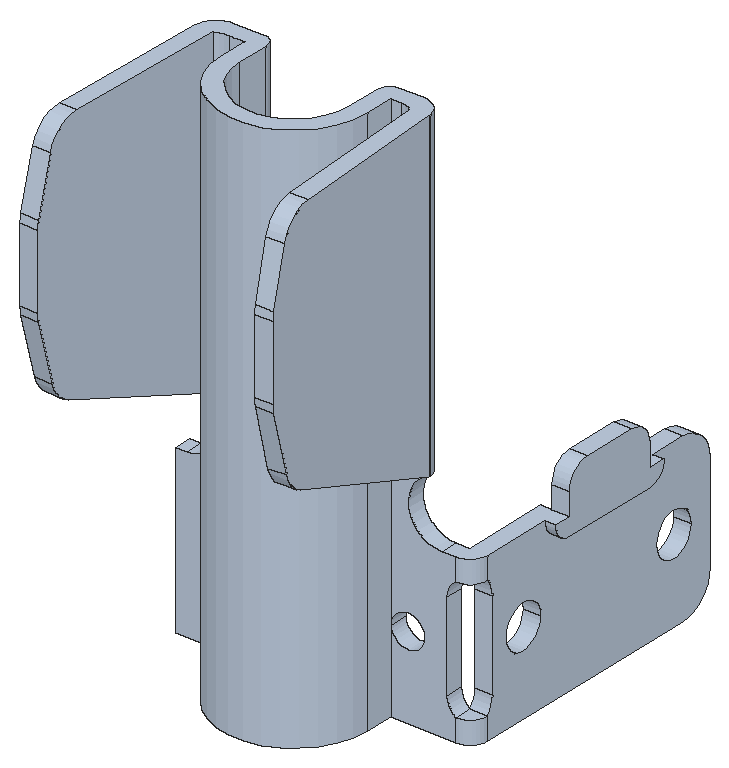
Revit family "BP-bs", category 機械設備, Revit 2020
Family settings
  丸型コネクタ寸法 = 直径を使用
  パーツ タイプ = 標準
  OmniClass 番号 = 23.75.00.00
  OmniClass タイトル = Climate Control (HVAC)
  作業面ベース = いいえ
  常に垂直 = はい
  ロード時にボイドで切り取り = いいえ
  共有 = いいえ
  部屋計算ポイント = いいえ
Parameters (values of type "BPﾎﾞﾄﾑ")
  既定の高さ = 0 mm
  BPﾎﾞﾄﾑ ﾏﾃﾘｱﾙ [instance] = 溶融亜鉛メッキ
Reference planes
  plane 1 "中心(正面/背面)": y = 0
  plane 2: z = 0
  plane 3 "中心(左/右)": x = 0
Forms (mm)
  Extrusion 1, solid, material "溶融亜鉛メッキ" <- "BPﾎﾞﾄﾑ ﾏﾃﾘｱﾙ"
    sketch origin (0, 0.4, 0) x (-1, 0, 0) y (0, -1, 0)
      loop
        line (-6.6, 0) -> (-6.6, -2.6) -> (-5, -2.6) -> (-5, 0)
        arc (-5, 0) -> (0, 5) -> (5, 0) r 5
        line (5, 0) -> (5, -2.6) -> (6.6, -2.6) -> (6.6, 0)
        arc (6.6, 0) -> (0, 6.6) -> (-6.6, 0) r 6.6
    from 0 to 50
  Extrusion 2, solid, material "溶融亜鉛メッキ" <- "BPﾎﾞﾄﾑ ﾏﾃﾘｱﾙ"
    sketch origin (-0.133, -0.15, 0) x (0.062413, -0.99805, 0) y (0, 0, 1)
      loop
        line (12.461, 50) -> (-2.242, 50) -> (-2.242, 20.8) -> (13.357, 26.948)
        spline (13.357, 26.948) -> (13.571, 27.042) -> (13.777, 27.152) -> (13.973, 27.278) -> (14.16, 27.419) -> (14.334, 27.574) -> (14.496, 27.742) -> (14.645, 27.923) -> (14.779, 28.114) -> (14.898, 28.315) -> (15.001, 28.525) -> (15.087, 28.742) -> (15.156, 28.966)
        line (15.156, 28.966) -> (16.663, 34.62)
        spline (16.663, 34.62) -> (16.679, 34.683) -> (16.694, 34.747) -> (16.707, 34.811) -> (16.719, 34.875) -> (16.73, 34.939) -> (16.739, 35.003) -> (16.747, 35.068) -> (16.753, 35.133) -> (16.758, 35.198) -> (16.761, 35.263) -> (16.764, 35.328) -> (16.764, 35.393)
        line (16.764, 35.393) -> (16.764, 42.107)
        spline (16.764, 42.107) -> (16.764, 42.172) -> (16.761, 42.237) -> (16.758, 42.302) -> (16.753, 42.367) -> (16.747, 42.432) -> (16.739, 42.497) -> (16.73, 42.561) -> (16.719, 42.625) -> (16.707, 42.689) -> (16.694, 42.753) -> (16.679, 42.817) -> (16.663, 42.88)
        line (16.663, 42.88) -> (15.359, 47.773)
        spline (15.359, 47.773) -> (15.257, 48.084) -> (15.122, 48.383) -> (14.956, 48.664) -> (14.76, 48.927) -> (14.536, 49.166) -> (14.288, 49.379) -> (14.018, 49.564) -> (13.729, 49.718) -> (13.426, 49.841) -> (13.11, 49.929) -> (12.787, 49.982) -> (12.461, 50)
    from -8.9 to -10.5
  Extrusion 3, solid, material "溶融亜鉛メッキ" <- "BPﾎﾞﾄﾑ ﾏﾃﾘｱﾙ"
    sketch origin (0, 0, 0) x (-1, 0, 0) y (0, 0, 1)
      loop
        line (-12.5, 15) -> (-12.5, 13)
        arc (-12.5, 13) -> (-11.913, 12.35) -> (-11.7, 11.5) r 1.806
        line (-11.7, 11.5) -> (-11.7, 3.5)
        arc (-11.7, 3.5) -> (-11.913, 2.65) -> (-12.5, 2) r 1.806
        line (-12.5, 2) -> (-12.5, 0) -> (-5, 0) -> (-5, 20.8) -> (-10.207, 20.8)
        arc (-10.207, 20.8) -> (-8.258, 17.481) -> (-11.2, 15) r 2.985
        line (-11.2, 15) -> (-12.5, 15)
      loop
        circle (-8.2, 7.5) r 1.5
    from 3 to 4.6
  Extrusion 4, solid, material "溶融亜鉛メッキ" <- "BPﾎﾞﾄﾑ ﾏﾃﾘｱﾙ"
    sketch origin (0, 0, 0) x (-1, 0, 0) y (0, 0, 1)
      loop
        line (12.8, 15) -> (11.8, 15)
        arc (11.8, 15) -> (8.858, 17.483) -> (10.811, 20.8) r 2.984
        line (10.811, 20.8) -> (5, 20.8) -> (5, 0) -> (12.8, 0) -> (12.8, 15)
      loop
        circle (8.8, 7.5) r 1.5
    from 3 to 4.6
  Extrusion 5, solid, material "溶融亜鉛メッキ" <- "BPﾎﾞﾄﾑ ﾏﾃﾘｱﾙ"
    sketch origin (7.9, 16.8, 0) x (0, 1, 0) y (0, 0, 1)
      loop
        line (-13.8, 15) -> (-13.8, 13) -> (-12.2, 13)
        arc (-12.2, 13) -> (-11.828, 12.291) -> (-11.7, 11.5) r 2.499
        line (-11.7, 11.5) -> (-11.7, 3.5)
        arc (-11.7, 3.5) -> (-11.828, 2.709) -> (-12.2, 2) r 2.499
        line (-12.2, 2) -> (-13.8, 2) -> (-13.8, 0) -> (9.8, 0)
        arc (9.8, 0) -> (11.921, 0.879) -> (12.8, 3) r 3
        line (12.8, 3) -> (12.8, 12)
        arc (12.8, 12) -> (11.921, 14.121) -> (9.8, 15) r 3
        line (9.8, 15) -> (4.8, 15) -> (4.8, 13.4) -> (-4.2, 13.4) -> (-4.2, 15) -> (-13.8, 15)
      loop
        circle (8.8, 7.5) r 2
      loop
        circle (-8.2, 7.5) r 2
    from 4.6 to 6.2
  Extrusion 6, solid, material "溶融亜鉛メッキ" <- "BPﾎﾞﾄﾑ ﾏﾃﾘｱﾙ"
    sketch origin (7.9, 16.8, 0) x (0, 1, 0) y (0, 0, 1)
      loop
        line (-4.2, 17) -> (-4.2, 15) -> (-5.8, 15)
        arc (-5.8, 15) -> (-5.331, 13.869) -> (-4.2, 13.4) r 1.6
        line (-4.2, 13.4) -> (4.8, 13.4)
        arc (4.8, 13.4) -> (5.931, 13.869) -> (6.4, 15) r 1.6
        line (6.4, 15) -> (4.8, 15) -> (4.8, 17)
        arc (4.8, 17) -> (4.214, 18.414) -> (2.8, 19) r 2
        line (2.8, 19) -> (-2.2, 19)
        arc (-2.2, 19) -> (-3.614, 18.414) -> (-4.2, 17) r 2
    from 5.6 to 7.2
  Extrusion 7, solid, material "溶融亜鉛メッキ" <- "BPﾎﾞﾄﾑ ﾏﾃﾘｱﾙ"
    sketch origin (-0.385, 0.12, 0) x (-0.030961, -0.999521, 0) y (0, 0, -1)
      loop
        spline (12.461, -50) -> (12.787, -49.982) -> (13.11, -49.929) -> (13.426, -49.841) -> (13.729, -49.718) -> (14.018, -49.564) -> (14.288, -49.379) -> (14.536, -49.166) -> (14.76, -48.927) -> (14.956, -48.664) -> (15.122, -48.383) -> (15.257, -48.084) -> (15.359, -47.773)
        line (15.359, -47.773) -> (16.663, -42.88)
        spline (16.663, -42.88) -> (16.679, -42.817) -> (16.694, -42.753) -> (16.707, -42.689) -> (16.719, -42.625) -> (16.73, -42.561) -> (16.739, -42.497) -> (16.747, -42.432) -> (16.753, -42.367) -> (16.758, -42.302) -> (16.761, -42.237) -> (16.764, -42.172) -> (16.764, -42.107)
        line (16.764, -42.107) -> (16.764, -35.393)
        spline (16.764, -35.393) -> (16.764, -35.328) -> (16.761, -35.263) -> (16.758, -35.198) -> (16.753, -35.133) -> (16.747, -35.068) -> (16.739, -35.003) -> (16.73, -34.939) -> (16.719, -34.875) -> (16.707, -34.811) -> (16.694, -34.747) -> (16.679, -34.683) -> (16.663, -34.62)
        line (16.663, -34.62) -> (15.156, -28.966)
        spline (15.156, -28.966) -> (15.087, -28.742) -> (15, -28.525) -> (14.897, -28.314) -> (14.778, -28.113) -> (14.644, -27.921) -> (14.495, -27.741) -> (14.333, -27.573) -> (14.157, -27.417) -> (13.971, -27.276) -> (13.774, -27.15) -> (13.567, -27.04) -> (13.353, -26.946)
        line (13.353, -26.946) -> (-2.242, -20.8) -> (-2.242, -50) -> (12.461, -50)
    from -8.9 to -10.5
  Extrusion 8, solid, material "溶融亜鉛メッキ" <- "BPﾎﾞﾄﾑ ﾏﾃﾘｱﾙ"
    sketch origin (0, 0, 0) x (1, 0, 0) y (0, 1, 0)
      loop
        line (-10.811, 2.686) -> (-9.211, 2.637)
        arc (-9.211, 2.637) -> (-8.619, 2.907) -> (-7.974, 3) r 2.29
        line (-7.974, 3) -> (-5, 3) -> (-5, 4.6) -> (-10.811, 4.6) -> (-10.811, 2.686)
    from 20.8 to 50
  Extrusion 9, solid, material "溶融亜鉛メッキ" <- "BPﾎﾞﾄﾑ ﾏﾃﾘｱﾙ"
    sketch origin (0, 0, 0) x (1, 0, 0) y (0, 1, 0)
      loop
        line (8.61, 2.643) -> (10.207, 2.743) -> (10.207, 4.6) -> (5, 4.6) -> (5, 3) -> (7.5, 3)
        arc (7.5, 3) -> (8.083, 2.909) -> (8.61, 2.643) r 1.903
    from 20.8 to 50
  Extrusion 10, void
    sketch origin (0, 0, 0) x (1, 0, 0) y (0, 1, 0)
      loop
        arc (-10.811, 3) -> (-10.094, 4.151) -> (-8.816, 4.6) r 2.044
        line (-8.816, 4.6) -> (-10.811, 4.6) -> (-10.811, 3)
      loop
        line (10.207, 3) -> (10.207, 4.6) -> (8.215, 4.6)
        arc (8.215, 4.6) -> (9.492, 4.15) -> (10.207, 3) r 2.04
    from 18 to 50
  Extrusion 11, void
    sketch origin (0, 0, 0) x (1, 0, 0) y (0, 1, 0)
      loop
        line (-5, 4.6) -> (-6.2, 4.6)
        arc (-6.2, 4.6) -> (-5.351, 4.249) -> (-5, 3.4) r 1.2
        line (-5, 3.4) -> (-5, 4.6)
      loop
        line (5, 4.6) -> (5, 3.4)
        arc (5, 3.4) -> (5.351, 4.249) -> (6.2, 4.6) r 1.2
        line (6.2, 4.6) -> (5, 4.6)
    from 0 to 50
  Extrusion 12, void
    sketch origin (0, 0, 0) x (1, 0, 0) y (0, 1, 0)
      loop
        arc (14.1, 4.6) -> (13.631, 3.469) -> (12.5, 3) r 1.6
        line (12.5, 3) -> (14.1, 3) -> (14.1, 4.6)
    from 0 to 15
Cuts and joins
  Extrusion 10, Extrusion 11 cuts Extrusion 1
  Extrusion 10, Extrusion 11 cuts Extrusion 2
  Extrusion 10, Extrusion 11 cuts Extrusion 3
  Extrusion 10, Extrusion 11 cuts Extrusion 4
  Extrusion 10, Extrusion 11, Extrusion 12 cuts Extrusion 5
  Extrusion 10, Extrusion 11 cuts Extrusion 6
  Extrusion 10, Extrusion 11 cuts Extrusion 7
  Extrusion 10, Extrusion 11 cuts Extrusion 8
  Extrusion 10, Extrusion 11 cuts Extrusion 9
  joined: Extrusion 1, Extrusion 2, Extrusion 3, Extrusion 4, Extrusion 5, Extrusion 6, Extrusion 7, Extrusion 8, Extrusion 9
Dimensions and locks
  aligned and locked: level to plane 2
